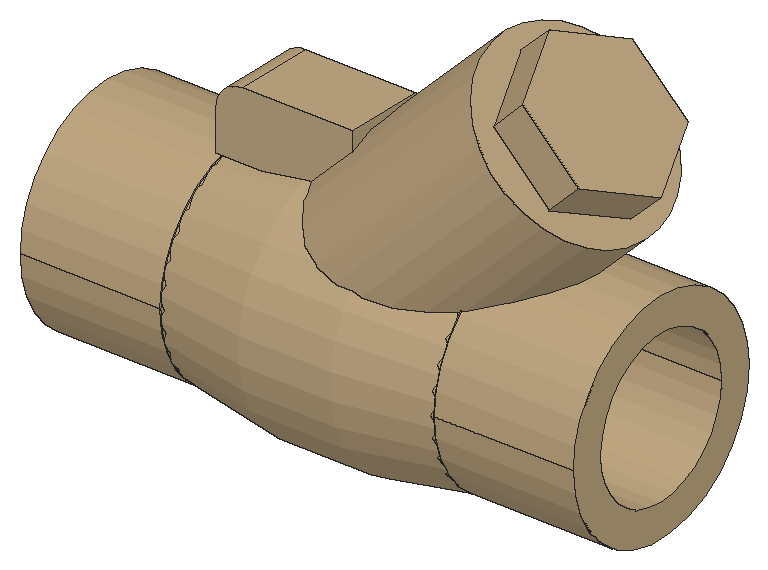
Revit family "1242 template", category Pipe Accessories, Revit 2018
Family settings
  Round Connector Dimension = Use Diameter
  Part Type = Valve - Breaks Into
  Work Plane-Based = No
  Always vertical = Yes
  Cut with Voids When Loaded = No
  Shared = No
Parameters (values of type "1242 Check Valve")
  pipe radius [instance] = Pipe Diameter / 2  # 0.5625"
  insert [instance] = size_lookup(Standards Lookup Table, "copper_cup", 0.000", Nominal Diameter)  # 0.910"
  fillet1 = 0.200"  # constant formula
  Weight [instance] = size_lookup(LookupTable, "Weight", "NA", Nominal Diameter)  # "1.3 lbs."
  W1 [instance] = size_lookup(LookupTable, "W1", 0.000", Nominal Diameter)  # 0.58111"
  URL = "http://www.fnw.com"
  Standards Lookup Table = "Standards"  # constant formula
  Rad [instance] = size_lookup(LookupTable, "Rad", 0.000", Nominal Diameter)  # 4.15326"
  R3 [instance] = size_lookup(LookupTable, "R3", 0.000", Nominal Diameter)  # 0.72638"
  R2 [instance] = size_lookup(LookupTable, "R1", 0.000", Nominal Diameter)  # 0.80709"
  R1 [instance] = size_lookup(LookupTable, "R1", 0.000", Nominal Diameter)  # 0.80709"
  Product ID [instance] = size_lookup(LookupTable, "ProductID", "NA", Nominal Diameter)  # "0"
  Pipe Diameter [instance] = size_lookup(Standards Lookup Table, "copper", 0.000", Nominal Diameter)  # 1.125"
  Part Number [instance] = size_lookup(LookupTable, "PartNumber", "NA", Nominal Diameter)  # "FNW1242G"
  Nominal Diameter [instance] = 1"
  LookupTable = "1242 Check Valve"  # constant formula
  L4 [instance] = size_lookup(LookupTable, "L4", 0.000", Nominal Diameter)  # 2.3333"
  L3 [instance] = size_lookup(LookupTable, "L3", 0.000", Nominal Diameter)  # 0.235"
  L2 [instance] = size_lookup(LookupTable, "L2", 0.000", Nominal Diameter)  # 2.02143"
  L1 [instance] = size_lookup(LookupTable, "L1", 0.000", Nominal Diameter)  # 1.03429"
  HX1 [instance] = size_lookup(LookupTable, "HX1", 0.000", Nominal Diameter)  # 0.50325"
  H2 [instance] = size_lookup(LookupTable, "H2", 0.000", Nominal Diameter)  # 0.310"
  H1 [instance] = 0.500"  # constant formula
  Description BOM [instance] = size_lookup(LookupTable, "Description_BOM", "NA", Nominal Diameter)  # "1 1242 Check Valve"
  45 = 45.00°  # constant formula
  135 = 135.00°  # constant formula
  120 = 120.00°  # constant formula
Reference planes (in)
  plane 1 "Center (Front/Back)": y = 0
  plane 2: z = 0
  plane 3 "Center (Left/Right)": x = 0
  plane 4: y = 0.29055
  plane 5: y = -0.29056
  plane 6: x = -1.01071
  plane 7: x = 1.01072
  plane 8: z = 0.80709
  plane 9: z = 0.80709
  plane 10: z = 0.5625
  plane 11: x = -2.045
  plane 12: x = 2.04501
  plane 13: x = -1.135
  plane 14: x = 1.13501
  plane 15: y = 0.80709
  plane 16: y = -0.80709
Forms (in)
  Revolve 1, solid, material "Bronze, Cast"
    sketch origin (0, 0, 0) x (1, 0, 0) y (0, 0, 1)
      loop
        line (-1.01071, 0) -> (1.01072, 0) -> (1.01072, 0.80709) -> (-1.01071, 0.80709) -> (-1.01071, 0)
      axis (1.01072, 0) -> (-1.01071, 0)
    angle from 0 to 360
  Extrusion 2, solid, material "Bronze, Cast"
    sketch origin (0, 0, 0) x (0, 1, 0) y (0, 0, 1)
      loop
        circle (0, 0) r 0.5625
      loop
        circle (0, 0) r 0.80709
    from -1.01072 to -2.045
  Extrusion 3, solid, material "Bronze, Cast"
    sketch origin (0, 0, 0) x (0, 1, 0) y (0, 0, 1)
      loop
        circle (0, 0) r 0.5625
      loop
        circle (0, 0) r 0.80709
    from 1.01072 to 2.045
  Revolve 4, solid, material "Bronze, Cast", not visible
    sketch origin (0, 0, 0) x (1, 0, 0) y (0, 0, 1)
      loop
        line (-1.135, 0.5) -> (-1.135, 0) -> (1.13501, 0) -> (1.13501, 0.5) -> (-1.135, 0.5)
      axis (-1.135, 0) -> (1.13501, 0)
    angle from 0 to 360
  Extrusion 5, solid, material "Bronze, Cast"
    sketch origin (0, 0, 0) x (1, 0, 0) y (0, 0, 1)
      loop
        line (-1.01071, 0.80709) -> (0, 0.80709) -> (0, 1.30709) -> (-0.81071, 1.30709)
        arc (-0.81071, 1.30709) -> (-0.95214, 1.24851) -> (-1.01071, 1.10709) r 0.2
        line (-1.01071, 1.10709) -> (-1.01071, 0.80709)
    from -0.29056 to 0.29056
Dimensions and locks (in)
  equal spacing: plane 5, plane 1 "Center (Front/Back)", plane 4
  "W1": plane 5 to plane 4
  "pipe radius": plane 10 to plane 2
  "R2": plane 8 to plane 2
  "R1": plane 9 to plane 2
  "L1": plane 6 to plane 11
  "L1": plane 7 to plane 12
  equal spacing: plane 7, plane 3 "Center (Left/Right)", plane 6
  "L2": plane 7 to plane 6
  "insert": plane 14 to plane 12
  "insert": plane 13 to plane 11
  "H1": Extrusion 5 sketch curve to plane 8
  "R2": plane 1 "Center (Front/Back)" to plane 15
  "R2": plane 16 to plane 1 "Center (Front/Back)"
  "L3": plane 3 "Center (Left/Right)" to nested 2
  "pipe radius": radius of Extrusion 2 sketch curve
  "pipe radius": radius of Extrusion 3 sketch curve
  "R1": radius of Extrusion 3 sketch curve
  "R1": radius of Extrusion 2 sketch curve
  "fillet1": radius of Extrusion 5 sketch curve
  aligned and locked: plane 2 to level
  aligned and locked: Revolve 1 sketch curve to plane 8
  aligned and locked: Revolve 1 sketch curve to plane 6
  aligned and locked: Revolve 1 sketch curve to plane 7
  aligned and locked: Extrusion 2 to plane 11
  aligned and locked: Extrusion 2 to Revolve 1
  aligned and locked: Revolve 1 to Extrusion 3
  aligned and locked: Extrusion 3 to plane 12
  aligned and locked: plane 14 to Revolve 4 sketch curve
  aligned and locked: plane 13 to Revolve 4 sketch curve
  aligned and locked: Extrusion 5 sketch curve to plane 3 "Center (Left/Right)"
  aligned and locked: plane 6 to Extrusion 5 sketch curve
  aligned and locked: Extrusion 5 to plane 4
  aligned and locked: Extrusion 5 to plane 5
  aligned and locked: Extrusion 5 sketch curve to plane 9
Automatic sketch dimensions
  Revolve 1 sketch curve to level = 0.000"  (x2)
  Revolve 1 sketch curve to Revolve 1 sketch curve = 1.2585"
  plane 3 "Center (Left/Right)" to Revolve 1 sketch curve = 0.500"
  Revolve 4 sketch curve to level = 0.000"  (x2)
  Revolve 4 sketch curve to plane 3 "Center (Left/Right)" = 0.000"
  Revolve 4 sketch curve to Revolve 4 sketch curve = 0.500"
  Revolve 4 sketch curve to plane 12 = 4.1085"
  Extrusion 2 sketch curve to Extrusion 2 sketch curve = 0.000"  (x2)
  Extrusion 2 sketch curve to level = 0.000"
  Extrusion 2 sketch curve to plane 1 "Center (Front/Back)" = 0.000"
  Extrusion 3 sketch curve to Extrusion 3 sketch curve = 0.000"  (x2)
  Extrusion 3 sketch curve to level = 0.000"
  Extrusion 3 sketch curve to plane 1 "Center (Front/Back)" = 0.000"
Nested families (in)
  nested 1: "globe valve shape bronze 1242" at (0, 0, 0), R2 <- "R2", R1 <- "R1", L2 <- "L2", DIF_Curve <- "Rad", HB1 <- "R2", type "Standard"
    with pipe rad 0.420", pad fillet 0.205", fillet02 0.379", fillet01 0.847", curve 7.44209", center of handle 4.08685", Weight "1 lbs.", WD1 3.700", R2 0.80709", R1 0.80709", Product ID "628713", Pipe Diameter 0.840", Part Number "FNW16B200D", Nominal Diameter 1/2", MT 0.089", LookupTable "valve-check-swing-thd 16B-200", L4 0.060", L3 0.9787", L2 2.02143", L1 0.40028", HR3 0.125", HR2 1.01212", HR1 0.4913", HND1 0.229", HD4 1.280", HB1 0.80709", H8 4.31585", H7 3.87756", H5 3.42635", H4 2.83199", H3 2.66629", H2 1.275", H1 0.7413", Description BOM "1/2 Stainless Steel 200# Threaded Check Valve", DIF_Curve 4.15326", DIF_Center 2.4261", D7 3.40996", D6 1.500", D5 0.20018", D4 0.500", D3 0.11518", D2 0.370", D1 1.35916", Curve 1.000", Angle 120.00°
  nested 2: "12411242Cylinder" at (-0.235, 0, 0), L4 <- "L4", R3 <- "R3", type "12411242Cylinder"
    with R3 0.72638", L4 2.3333"
  nested 3: "1241 hex cap" at (1.41489, 0, 1.64989) x (0, -1, 0) z (0.7071, 0, 0.7071), H2 <- "H2", HX1 <- "HX1", type "1241 hex cap"
    with HX1 0.50325", H2 0.310"
Connectors (in)
  piping at (-1.135, 0, 0), diameter 1, driven by "Nominal Diameter"
    settings: on Revolve 4, index 1, connector inside diameter 24", connector length 0.000", flow factor 0, pipe flow 0 GPM, pressure drop 0.00 psi, fitting loss kfactor 0, connector angle 0.00°, fixture units 0, engagement length 0.000", angle of deflection 0.00°, flow configuration 0, flow direction 0, fitting loss method 0, system type 29, joint type 0, gender type 0, connector reference index -1, connector utility 0, adjustable connector no, is connector primary yes, connector description ""
  piping at (1.13501, 0, 0), diameter 1, driven by "Nominal Diameter"
    settings: on Revolve 4, index 2, connector inside diameter 24", connector length 0.000", flow factor 0, pipe flow 0 GPM, pressure drop 0.00 psi, fitting loss kfactor 0, connector angle 0.00°, fixture units 0, engagement length 0.000", angle of deflection 0.00°, flow configuration 0, flow direction 0, fitting loss method 0, system type 29, joint type 0, gender type 0, connector reference index -1, connector utility 0, adjustable connector no, is connector primary no, connector description ""
Definition of nested family "globe valve shape bronze 1242"
  Parameters (values of type "Standard")
    pipe rad [instance] = 0.420"
    pad fillet [instance] = 0.205"
    fillet02 [instance] = 0.379"
    fillet01 [instance] = 0.847"
    curve [instance] = HB1 + 6.635"  # 7.2806"
    center of handle [instance] = 4.08685"
    Weight [instance] = "1 lbs."
    WD1 [instance] = 3.700"
    URL = "http://www.fnw.com"
    Standards Lookup Table = "Standards"  # constant formula
    R2 [instance] = 0.807"
    R1 [instance] = 0.6137"
    Product ID [instance] = "628713"
    Pipe Diameter [instance] = 0.840"
    Part Number [instance] = "FNW16B200D"
    Nominal Diameter [instance] = 1/2"
    MT [instance] = 0.089"
    LookupTable [instance] = "valve-check-swing-thd 16B-200"  # constant formula
    L4 [instance] = 0.060"
    L3 [instance] = 0.9787"
    L2 [instance] = 1.790"
    L1 [instance] = 0.40028"
    HR3 [instance] = 0.125"
    HR2 [instance] = 1.01212"
    HR1 [instance] = 0.4913"
    HND1 [instance] = 0.229"
    HD4 [instance] = 1.280"
    HB1 [instance] = 0.6456"
    H8 [instance] = 4.31585"
    H7 [instance] = 3.87756"
    H5 [instance] = 3.42635"
    H4 [instance] = 2.83199"
    H3 [instance] = 2.66629"
    H2 [instance] = 1.275"
    H1 [instance] = 0.7413"
    Description BOM [instance] = "1/2 Stainless Steel 200# Threaded Check Valve"
    DIF_Curve [instance] = 2.845"
    DIF_Center [instance] = 2.1994"
    D7 [instance] = 3.40996"
    D6 [instance] = 1.500"
    D5 [instance] = 0.20018"
    D4 [instance] = 0.500"
    D3 [instance] = 0.11518"
    D2 [instance] = 0.370"
    D1 [instance] = 1.35916"
    Curve [instance] = 4.00129"
    Angle [instance] = 120.00°  # constant formula
    120A = 120.00°  # constant formula
  Reference planes (in)
    plane 1 "Center (Front/Back)": y = 0
    plane 2: z = 0
    plane 3 "Center (Left/Right)": x = 0
    plane 4: y = 0.25
    plane 5: y = -0.25
    plane 6: x = -0.895
    plane 7: x = -0.48935
    plane 8: x = 0.895
    plane 9: x = 0.48935
    plane 10: z = -0.6456
    plane 11: z = 0.42
    plane 12: z = 0.807
    plane 13: z = 0.6456
    plane 14: z = 0.6456
    plane 15: z = -6.63454
    plane 16: z = 0.4913
    plane 17: z = 0.6163
    plane 18 "plane c": z = -2.1994
  Forms (in)
    Revolve 1, solid
      sketch origin (0, 0, 0) x (1, 0, 0) y (0, 0, 1)
        loop
          line (-0.895, 0) -> (0.895, 0) -> (0.895, 0.807)
          arc (0.895, 0.807) -> (0, 0.95144) -> (-0.895, 0.807) r 2.845
          line (-0.895, 0.807) -> (-0.895, 0)
        axis (0.895, 0) -> (-0.895, 0)
      angle from 0 to 360
  Dimensions and locks (in)
    "HB1": plane 2 to plane 10
    "pipe rad": plane 11 to plane 2
    "R2": plane 12 to plane 2
    "HB1": plane 13 to plane 2
    "HB1": plane 14 to plane 2
    plane 2 to plane 15 = 6.63454"
    "DIF_Curve": plane 13 to plane 18 "plane c"
    "DIF_Center": plane 2 to plane 18 "plane c"
    equal spacing: plane 5, plane 1 "Center (Front/Back)", plane 4
    "D4": plane 5 to plane 4
    equal spacing: plane 8, plane 3 "Center (Left/Right)", plane 6
    "L2": plane 8 to plane 6
    "DIF_Curve": radius of Revolve 1 sketch curve
    aligned and locked: plane 2 to level
    aligned and locked: plane 2 to Revolve 1 sketch curve
    aligned and locked: Revolve 1 sketch curve to plane 8
    aligned and locked: plane 6 to Revolve 1 sketch curve
    aligned and locked: Revolve 1 sketch curve to plane 2
    aligned and locked: plane 12 to Revolve 1 sketch curve
  Automatic sketch dimensions
    Revolve 1 sketch curve to plane 3 "Center (Left/Right)" = 0.000"  (x2)
    Revolve 1 sketch curve to plane 6 = 3.50334"
Definition of nested family "12411242Cylinder"
  Parameters (values of type "12411242Cylinder")
    R3 [instance] = 3.250"
    L4 [instance] = 21.500"
    45 = 45.00°  # constant formula
  Reference planes (in)
    plane 1 "Center (Front/Back)": y = 0
    plane 2: z = 0
    plane 3 "Center (Left/Right)": x = 0
  Forms (in)
    Sweep 1, solid
      path in 3D
        loop
          line (0, 0, 0) -> (15.2028, 0, 15.2028)
      profile origin (7.6014, 0, 7.6014) x (-0.707107, 0, 0.707107) y (0, -1, 0)
        loop
          circle (0, 0) r 3.25
  Lines and regions (in)
    model lines
      curve 1: line (0, 0, 0) -> (15.2028, 0, 15.2028)
    sketch lines
      curve 2: line (0, 0, 0) -> (15.2028, 0, 15.2028)
    reference lines
      curve 3: line (0, 0, 0) -> (0, 0, -17.5)
  Dimensions and locks (in)
    "L4": curve 1 to curve 1
    "R3": radius of Sweep 1 sketch curve
    "45": angle plane 2 to curve 1
    aligned and locked: plane 2 to level
    aligned and locked: plane 2 to curve 1
    aligned and locked: plane 3 "Center (Left/Right)" to curve 1
    aligned and locked: curve 3 to plane 3 "Center (Left/Right)"
  Automatic sketch dimensions
    curve 3 to level = 0.000"
    curve 3 to level = 17.500"
    Sweep 1 sketch curve to profile plane = 0.000"
    profile plane to Sweep 1 sketch curve = 0.000"
Definition of nested family "1241 hex cap"
  Parameters (values of type "1241 hex cap")
    HX1 [instance] = 0.750"
    H2 [instance] = 0.500"
    Default Elevation = 48.000"
    120 = 120.00°
  Reference planes (in)
    plane 1 "Center (Front/Back)": y = 0
    plane 2: z = 0
    plane 3 "Center (Left/Right)": x = 0
    plane 4: z = 0.5
  Forms (in)
    Extrusion 1, solid
      sketch origin (0, 0, 0) x (1, 0, 0) y (0, 1, 0)
        loop
          line (-48, 48) -> (-48, -48) -> (48, -48) -> (48, 48) -> (-48, 48)
      from 0 to -12
    Extrusion 2, solid
      sketch origin (0, 0, 0) x (1, 0, 0) y (0, 1, 0)
        loop
          line (0.75, 0.43301) -> (0, 0.86603) -> (-0.75, 0.43301) -> (-0.75, -0.43301) -> (0, -0.86603) -> (0.75, -0.43301) -> (0.75, 0.43301)
      from 0 to 0.5
  Lines and regions (in)
    reference lines
      curve 1: line (0, 0, 1) -> (0, 0, -1.29798)
  Dimensions and locks (in)
    "HX1": Extrusion 2 sketch curve to plane 3 "Center (Left/Right)"  (x5)
    "HX1": plane 3 "Center (Left/Right)" to Extrusion 2 sketch curve
    "H2": plane 4 to Extrusion 1
    "120": angle Extrusion 2 sketch curve to Extrusion 2 sketch curve  (x5)
    aligned and locked: plane 2 to Extrusion 1
    aligned and locked: level to Extrusion 1
    aligned and locked: Extrusion 2 to plane 4
  Automatic sketch dimensions
    Extrusion 1 sketch curve to Extrusion 1 sketch curve = 96.000"  (x2)
    curve 1 to plane 3 "Center (Left/Right)" = 0.000"
    curve 1 to level = 1.29798"
    curve 1 to plane 4 = 0.500"
